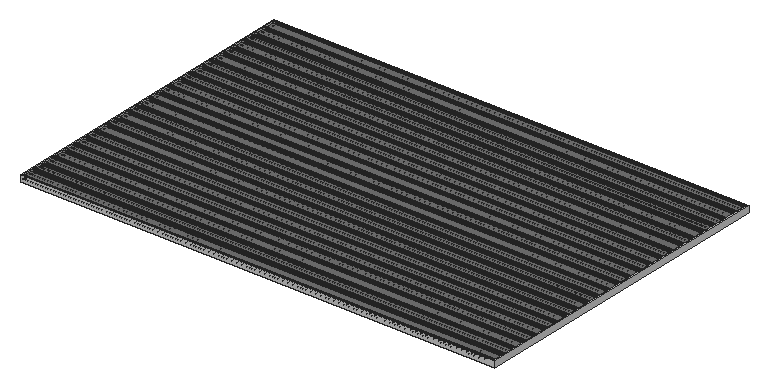
Revit family "Flooring_Entrance_Fuma_TopCleanTrend-Mit-Bürstenprofil_DE", category Allgemeines Modell, Revit 2018
Family settings
  Kann Basisbauteil für Bewehrung sein = Nein
  Bemaßung runder Anschluss = Durchmesser verwenden
  Teiletyp = Normal
  Arbeitsebenenbasiert = Nein
  Immer vertikal = Ja
  Beim Laden mit Abzugskörper schneiden = Nein
  Gemeinsam genutzt = Nein
  Raumberechnungspunkt = Nein
Parameters (values of type "Teppichlänge 10 mm")
  Technische Daten = "https://www.fuma.com/produkte/eingangsmatten/aluprofilmatten/top-clean-trend"
  Rips = Polypropylene - Fuma - Rips
  Produktinformation = "Besonders empfehlenswert für Eingänge, die eine hohe Lauffrequenz mit profilierten Schuhen verzeichnen. Ausgerüstet mit breiten, äußerst strapazierfähigen Bürstenprofilen, wird eine maximale Reinigung"
  Product avaibility = "weltweit\r\n"  # constant formula
  Modell-Nr = "12225 P"
  Maximale Belastung = "3.000 kg"
  Hersteller Land = "Deutschland"  # constant formula
  Minimale Teppichlänge = 300 mm  # constant formula
  Maximale Teppichlänge = 10000 mm  # constant formula
  Länge des Teppichs = 1200 mm
  Minimale Teppichbreite = 300 mm  # constant formula
  Maximale Teppichbreite = 10000 mm  # constant formula
  Edition number = 2
  Breite des Teppichs = 800 mm
  Grosse Denier = yes
  Rahmen Material = "Aluminium oder Edelstahl"
  Feine Leugner = no
  Beginn des Pinsels = Angepasste Wiederholung / 2  # 33.267 mm
  Farbe = "Farben Bürstenprofil: - schwarz - grau"
  Bürstenprofil = Polyamid - Fuma - Bürstenprofil
  Abstandseinstellung = (Breite des aktuellen Teppichs - (Anzahl der aktuellen Profile * Versuchswiederholung)) / Anzahl der aktuellen Profile * 0.8  # 0.533 mm
  Versuchswiederholung = 2 * (Profilbreite + Abstand zwischen den Profilen 4 6 oder 8mm)  # 66 mm
  URL = "https://www.fuma.com/"
  Telefon = " +49 7248 450 73 0\r\n"  # constant formula
  Type Comments = ""
  Tiefen Teppich = 2.8 mm
  Angepasste Wiederholung = Versuchswiederholung + Abstandseinstellung  # 66.533 mm
  Anzahl der aktuellen Profile = rounddown(Breite des aktuellen Teppichs / Versuchswiederholung)  # 12
  Modell = "TopCleanTrend® mit Bürstenprofil"
  Hersteller = "fuma Hauszubehör GmbH"  # constant formula
  Aktuelle Länge = Aktuelle Teppichlänge - (Dicke des Rahmenprofils + 2 mm) * 2  # 1190 mm
  Aktuelle Teppichlänge = if(Länge des Teppichs < Minimale Teppichlänge, Minimale Teppichlänge, if(Länge des Teppichs > Maximale Teppichlänge, Maximale Teppichlänge, Länge des Teppichs))  # 1200 mm
  Profil = Aluminum - Fuma - Grau
  Breite des Rahmenprofils = (Profilbreite + Abstand zwischen den Profilen 4 6 oder 8mm) / 2  # 16.5 mm
  Profilbreite = 27 mm
  Aktuelle Breite = Anzahl der aktuellen Profile * Angepasste Wiederholung + 2 mm  # 800.4 mm
  Breite des aktuellen Teppichs = if(Breite des Teppichs < Minimale Teppichbreite, Minimale Teppichbreite, if(Breite des Teppichs > Maximale Teppichbreite, Maximale Teppichbreite, Breite des Teppichs))  # 800 mm
  Rahmenhöhe = 15 mm
  Dicke des Teppichs = 10 mm
  Dicke des Rahmenprofils = 3 mm  # constant formula
  E-mail = "info@fuma.com"  # constant formula
  Abstand zwischen den Profilen 4 6 oder 8mm = 6 mm
  Entfernungsprofil = 10.2 mm
  Description = ""
  Gummi = Gummi - Fuma- Schwarz
  Anschrift = "Reutäckerstraße 9, 76307 Karlsbad, DE"  # constant formula
Types (4, lengths in mm): name | Produktinformation | Grosse Denier | Feine Leugner | Tiefen Teppich | Rahmenhöhe | Dicke des Teppichs | Entfernungsprofil
  Teppichlänge 10 mm | "Besonders empfehlenswert für Eingänge, die eine hohe Lauffrequenz mit profilierten Schuhen verzeichnen. Ausgerüstet mit breiten, äußerst strapazierfähigen Bürstenprofilen, wird eine maximale Reinigung" | yes | no | 2.8 | 15 | 10 | 10.2
  Teppichlänge 27 mm | "Besonders empfehlenswert für Eingänge, die eine hohe Lauffrequenz mit profilierten Schuhen verzeichnen. Ausgerüstet mit breiten, äußerst strapazierfähigen Bürstenprofilen, wird eine maximale Reinigung" | no | yes | 5 | 30 | 27 | 23
  Teppichlänge 22 mm | "Besonders empfehlenswert für Eingänge, die eine hohe Lauffrequenz mit profilierten Schuhen verzeichnen. Ausgerüstet mit breiten, äußerst strapazierfähigen Bürstenprofilen, wird eine maximale Reinigung gewährleistet. Ideale Voraussetzungen für den Einsatz in Wintersportgebieten und Sportstätten. Schalldämmend, maßhaltig, aufrollbar und leicht zu reinigen. Anfertigung in jeder Breite und Tiefe. Sonderformen gegen Aufpreis" | yes | no | 5 | 25 | 22 | 18
  Teppichlänge 17 mm | "Besonders empfehlenswert für Eingänge, die eine hohe Lauffrequenz mit profilierten Schuhen verzeichnen. Ausgerüstet mit breiten, äußerst strapazierfähigen Bürstenprofilen, wird eine maximale Reinigung" | yes | no | 3 | 20 | 17 | 13.5
Reference planes
  plane 1 "Center (Front/Back)": y = 0
  plane 2: z = 0
  plane 3 "Center (Left/Right)": x = 0
  plane 4: y = 800
  plane 5: x = 1200
Forms (mm)
  Sweep 1, solid, material "Aluminum - Fuma - Grau" <- "Profil"
    path origin (0, 0, 0) x (1, 0, 0) y (0, 1, 0)
      loop
        line (0, 800) -> (0, 0) -> (1200, 0) -> (1200, 800) -> (0, 800)
    profile origin (600, 800, 0) x (0, 1, 0) y (0, 0, 1)
      loop
        line (0, -3) -> (0, 12) -> (-3, 12) -> (-3, 0) -> (-16.5, 0) -> (-16.5, -3) -> (0, -3)
Dimensions and locks
  equal spacing: group 1, group 2, group 3, group 4, group 9, group 10, group 11, group 12, group 13, group 14, group 15, group 16  (x3)
  "Aktuelle Teppichlänge": plane 5 to plane 3 "Center (Left/Right)"
  "Breite des aktuellen Teppichs": plane 4 to plane 1 "Center (Front/Back)"
  "Dicke des Rahmenprofils": Sweep 1 sketch curve to Sweep 1 sketch curve  (x2)
  "Rahmenhöhe": Sweep 1 sketch curve to Sweep 1 sketch curve
  "Breite des Rahmenprofils": Sweep 1 sketch curve to Sweep 1 sketch curve
  locked: plane 1 "Center (Front/Back)" to nested 1 at 4
  "Angepasste Wiederholung": nested 1 to nested 2
  equal spacing: group 5, group 6, group 7, group 8, group 17, group 18, group 19, group 20, group 21, group 22, group 23, group 24  (x3)
  "Angepasste Wiederholung": nested 6 to nested 5
  "Beginn des Pinsels": nested 5 to nested 1
  aligned and locked: Sweep 1 sketch curve to plane 5
  aligned and locked: plane 3 "Center (Left/Right)" to Sweep 1 sketch curve
  aligned and locked: Sweep 1 sketch curve to plane 4
  aligned and locked: Sweep 1 sketch curve to plane 1 "Center (Front/Back)"
Automatic sketch dimensions
  Sweep 1 sketch curve to level = 0 mm
  Sweep 1 sketch curve to profile plane = 0 mm
Nested families
  nested 1: "Cassette Brush" at (4, 17.472, 0), type "Cassette Brush"
  nested 2: "Cassette Brush" at (4, 84.005, 0), type "Cassette Brush"
  nested 3: "Cassette Brush" at (4, 150.539, 0), type "Cassette Brush"
  nested 4: "Cassette Brush" at (4, 217.072, 0), type "Cassette Brush"
  nested 5: "Cassette Brush" at (4, 50.739, 0), type "Cassette Brush"
  nested 6: "Cassette Brush" at (4, 117.272, 0), type "Cassette Brush"
  nested 7: "Cassette Brush" at (4, 183.805, 0), type "Cassette Brush"
  nested 8: "Cassette Brush" at (4, 250.339, 0), type "Cassette Brush"
  nested 9: "Cassette Brush" at (4, 283.605, 0), type "Cassette Brush"
  nested 10: "Cassette Brush" at (4, 350.139, 0), type "Cassette Brush"
  nested 11: "Cassette Brush" at (4, 416.672, 0), type "Cassette Brush"
  nested 12: "Cassette Brush" at (4, 483.205, 0), type "Cassette Brush"
  nested 13: "Cassette Brush" at (4, 549.739, 0), type "Cassette Brush"
  nested 14: "Cassette Brush" at (4, 616.272, 0), type "Cassette Brush"
  nested 15: "Cassette Brush" at (4, 682.805, 0), type "Cassette Brush"
  nested 16: "Cassette Brush" at (4, 749.339, 0), type "Cassette Brush"
  nested 17: "Cassette Brush" at (4, 316.872, 0), type "Cassette Brush"
  nested 18: "Cassette Brush" at (4, 383.405, 0), type "Cassette Brush"
  nested 19: "Cassette Brush" at (4, 449.939, 0), type "Cassette Brush"
  nested 20: "Cassette Brush" at (4, 516.472, 0), type "Cassette Brush"
  nested 21: "Cassette Brush" at (4, 583.005, 0), type "Cassette Brush"
  nested 22: "Cassette Brush" at (4, 649.539, 0), type "Cassette Brush"
  nested 23: "Cassette Brush" at (4, 716.072, 0), type "Cassette Brush"
  nested 24: "Cassette Brush" at (4, 782.605, 0), type "Cassette Brush"
Definition of nested family "Cassette Brush"
  Parameters (values of type "Cassette Brush")
    Trend 42 = Hauteur = 42 mm  # no
    Trend 27 = Hauteur = 27 mm  # no
    Trend 22 = Hauteur = 22 mm  # no
    Trend 17 = Hauteur = 17 mm  # no
    Trend 13 = Hauteur = 13 mm  # no
    Trend 10 = Hauteur = 10 mm  # yes
    URL = "https://www.geggus.fr/"
    Profondeur Tapis = 2.8 mm
    Model = "Top Clean TREND®"
    Manufacturer = "Geggus"
    Longueur = 1190 mm
    Profile = none
    Hauteur = 10 mm
    Gros deniers = yes
    Fins deniers = no
    Distance profil = 10.2 mm
    Caoutchouc = none
    Brosse = none
  Reference planes
    plane 1 "Center (Front/Back)": y = 0
    plane 2: z = 0
    plane 3 "Center (Left/Right)": x = 0
    plane 4: z = 7.4
    plane 5: z = 10.2
  Forms (mm)
    Extrusion 1, solid, material <- "Profile", visible <- "Trend 17"
      sketch origin (0, 0, 0) x (0, 1, 0) y (0, 0, 1)
        loop
          line (12.528, 9.5) -> (-12.472, 9.5) -> (-12.472, 6.7) -> (12.528, 6.7) -> (12.528, 9.5)
        loop
          line (12.028, 10.5) -> (-11.972, 10.5) -> (-11.972, 13.5) -> (-10.982, 13.5) -> (-10.982, 14.5) -> (-13.472, 14.5) -> (-13.472, 2) -> (-11.175, 2) -> (-11.175, 3) -> (-12.472, 3) -> (-12.472, 5.5) -> (-7.372, 5.5) -> (-7.372, 3) -> (-8.681, 3) -> (-8.681, 2) -> (-6.372, 2) -> (-6.372, 5.5) -> (6.428, 5.5) -> (6.428, 2) -> (8.737, 2) -> (8.737, 3) -> (7.428, 3) -> (7.428, 5.5) -> (12.528, 5.5) -> (12.528, 3) -> (11.231, 3) -> (11.231, 2) -> (13.528, 2) -> (13.528, 14.5) -> (11.038, 14.5) -> (11.038, 13.5) -> (12.028, 13.5) -> (12.028, 10.5)
      from 0 to 1190 <- "Longueur"
    Extrusion 2, solid, material <- "Caoutchouc"
      sketch origin (0, -9.881, 7.713) x (0, -1, 0) y (0, 0, -1)
        loop
          line (1.319, 5.713) -> (2.983, 5.713)
          arc (2.983, 5.713) -> (3.327, 5.932) -> (3.274, 6.337) r 0.38
          line (3.274, 6.337) -> (2.119, 7.713) -> (-1.881, 7.713) -> (-3.035, 6.337)
          arc (-3.035, 6.337) -> (-3.088, 5.932) -> (-2.744, 5.713) r 0.38
          line (-2.744, 5.713) -> (-1.081, 5.713) -> (-1.081, 4.76) -> (-1.866, 4.377)
          arc (-1.866, 4.377) -> (-2.114, 3.98) -> (-1.866, 3.583) r 0.442
          line (-1.866, 3.583) -> (-0.765, 3.046)
          arc (-0.765, 3.046) -> (0.119, 2.842) -> (1.004, 3.046) r 2.019
          line (1.004, 3.046) -> (2.105, 3.583)
          arc (2.105, 3.583) -> (2.353, 3.98) -> (2.105, 4.377) r 0.442
          line (2.105, 4.377) -> (1.319, 4.76) -> (1.319, 5.713)
        loop
          line (-21.081, 5.713) -> (-21.081, 4.76) -> (-21.866, 4.377)
          arc (-21.866, 4.377) -> (-22.114, 3.98) -> (-21.866, 3.583) r 0.442
          line (-21.866, 3.583) -> (-20.765, 3.046)
          arc (-20.765, 3.046) -> (-19.881, 2.842) -> (-18.996, 3.046) r 2.019
          line (-18.996, 3.046) -> (-17.895, 3.583)
          arc (-17.895, 3.583) -> (-17.647, 3.98) -> (-17.895, 4.377) r 0.442
          line (-17.895, 4.377) -> (-18.681, 4.76) -> (-18.681, 5.713) -> (-17.017, 5.713)
          arc (-17.017, 5.713) -> (-16.673, 5.932) -> (-16.726, 6.337) r 0.38
          line (-16.726, 6.337) -> (-17.881, 7.713) -> (-21.881, 7.713) -> (-23.035, 6.337)
          arc (-23.035, 6.337) -> (-23.088, 5.932) -> (-22.744, 5.713) r 0.38
          line (-22.744, 5.713) -> (-21.081, 5.713)
      from 0 to 1190 <- "Longueur"
    Extrusion 3, solid, material <- "Brosse", visible <- "Gros deniers"
      sketch origin (0, 0.264, 37.152) x (0, 1, 0) y (0, 0, 1)
        loop
          arc (11.75, -27.533) -> (11.58, -27.122) -> (11.169, -26.952) r 0.581
          line (11.169, -26.952) -> (-11.607, -26.952)
          arc (-11.607, -26.952) -> (-12.062, -27.14) -> (-12.25, -27.595) r 0.643
          line (-12.25, -27.595) -> (-12.25, -29.149)
          arc (-12.25, -29.149) -> (-12.073, -29.576) -> (-11.647, -29.752) r 0.603
          line (-11.647, -29.752) -> (11.12, -29.752)
          arc (11.12, -29.752) -> (11.566, -29.568) -> (11.75, -29.122) r 0.63
          line (11.75, -29.122) -> (11.75, -27.533)
      from 0 to 1190 <- "Longueur"
    Extrusion 4, solid, material <- "Profile", visible <- "Trend 22"
      sketch origin (0, 0.25, 15.623) x (0, 1, 0) y (0, 0, 1)
        loop
          line (8.549, -13.623) -> (8.549, -12.67) -> (7.498, -12.67) -> (7.498, -9.628) -> (12.25, -9.628) -> (12.25, -12.67) -> (10.95, -12.67) -> (10.95, -13.623) -> (12.563, -13.623)
          arc (12.563, -13.623) -> (13.049, -13.422) -> (13.25, -12.937) r 0.687
          line (13.25, -12.937) -> (13.25, 3.375) -> (13, 2.442) -> (12.75, 3.375) -> (12.508, 2.472) -> (12.249, 3.374) -> (12, 2.504) -> (11.75, 3.375)
          arc (11.75, 3.375) -> (11.003, 2.872) -> (11.75, 2.37) r 0.542
          line (11.75, 2.37) -> (11.75, -2.619) -> (-12.25, -2.619) -> (-12.25, 2.37)
          arc (-12.25, 2.37) -> (-11.503, 2.872) -> (-12.25, 3.375) r 0.542
          line (-12.25, 3.375) -> (-12.5, 2.504) -> (-12.749, 3.374) -> (-13.008, 2.472) -> (-13.25, 3.375) -> (-13.5, 2.442) -> (-13.75, 3.375) -> (-13.75, -12.937)
          arc (-13.75, -12.937) -> (-13.549, -13.422) -> (-13.063, -13.623) r 0.687
          line (-13.063, -13.623) -> (-11.45, -13.623) -> (-11.45, -12.67) -> (-12.75, -12.67) -> (-12.75, -9.628) -> (-7.998, -9.628) -> (-7.998, -12.67) -> (-9.049, -12.67) -> (-9.049, -13.623) -> (-6.75, -13.623) -> (-6.75, -9.628) -> (6.25, -9.628) -> (6.25, -13.623) -> (8.549, -13.623)
        loop
          arc (11.684, -8.63) -> (12.084, -8.464) -> (12.25, -8.063) r 0.566
          line (12.25, -8.063) -> (12.25, -4.232)
          arc (12.25, -4.232) -> (12.074, -3.807) -> (11.65, -3.632) r 0.6
          line (11.65, -3.632) -> (-12.19, -3.632)
          arc (-12.19, -3.632) -> (-12.586, -3.796) -> (-12.75, -4.191) r 0.56
          line (-12.75, -4.191) -> (-12.75, -8.023)
          arc (-12.75, -8.023) -> (-12.572, -8.452) -> (-12.144, -8.63) r 0.606
          line (-12.144, -8.63) -> (11.684, -8.63)
      from 0 to 1190 <- "Longueur"
    Extrusion 5, solid, material <- "Profile", visible <- "Trend 27"
      sketch origin (0, -0.028, 0) x (0, 1, 0) y (0, 0, 1)
        loop
          line (11.028, 16.864) -> (-10.972, 16.864)
          arc (-10.972, 16.864) -> (-11.679, 16.571) -> (-11.972, 15.864) r 1
          line (-11.972, 15.864) -> (-11.972, 8.201)
          arc (-11.972, 8.201) -> (-11.679, 7.494) -> (-10.972, 7.201) r 1
          line (-10.972, 7.201) -> (11.028, 7.201)
          arc (11.028, 7.201) -> (11.735, 7.494) -> (12.028, 8.201) r 1
          line (12.028, 8.201) -> (12.028, 15.864)
          arc (12.028, 15.864) -> (11.735, 16.571) -> (11.028, 16.864) r 1
        loop
          line (12.028, 18.021) -> (-11.972, 18.021) -> (-11.972, 23.003) -> (-10.982, 23.003) -> (-10.982, 24.003) -> (-13.472, 24.003) -> (-13.472, 2) -> (-11.175, 2) -> (-11.175, 3) -> (-12.472, 3) -> (-12.472, 5.966) -> (-7.372, 5.966) -> (-7.372, 3) -> (-8.681, 3) -> (-8.681, 2) -> (-6.372, 2) -> (-6.372, 5.966) -> (6.428, 5.966) -> (6.428, 2) -> (8.737, 2) -> (8.737, 3) -> (7.428, 3) -> (7.428, 5.966) -> (12.528, 5.966) -> (12.528, 3) -> (11.231, 3) -> (11.231, 2) -> (13.528, 2) -> (13.528, 24.003) -> (11.038, 24.003) -> (11.038, 23.003) -> (12.028, 23.003) -> (12.028, 18.021)
      from 0 to 1190 <- "Longueur"
    Extrusion 6, solid, material <- "Profile", visible <- "Trend 10"
      sketch origin (0, 0, 8.025) x (0, 1, 0) y (0, 0, 1)
        loop
          line (8.804, -6.025) -> (8.804, -5.072) -> (7.498, -5.072) -> (7.498, -2.031) -> (12.498, -2.031) -> (12.498, -5.072) -> (11.204, -5.072) -> (11.204, -6.025) -> (12.626, -6.025)
          arc (12.626, -6.025) -> (13.263, -5.761) -> (13.527, -5.124) r 0.902
          line (13.527, -5.124) -> (13.527, 2.339)
          arc (13.527, 2.339) -> (13.624, 2.92) -> (13.25, 3.375) r 0.711
          line (13.25, 3.375) -> (13, 2.442) -> (12.75, 3.375) -> (12.508, 2.472) -> (12.249, 3.374) -> (12, 2.504) -> (11.75, 3.375)
          arc (11.75, 3.375) -> (11.003, 2.872) -> (11.75, 2.37) r 0.542
          line (11.75, 2.37) -> (11.75, -0.638) -> (-11.75, -0.638) -> (-11.75, 2.37)
          arc (-11.75, 2.37) -> (-11.003, 2.872) -> (-11.75, 3.375) r 0.542
          line (-11.75, 3.375) -> (-12, 2.504) -> (-12.249, 3.374) -> (-12.508, 2.472) -> (-12.75, 3.375) -> (-13, 2.442) -> (-13.25, 3.375)
          arc (-13.25, 3.375) -> (-13.624, 2.92) -> (-13.527, 2.339) r 0.711
          line (-13.527, 2.339) -> (-13.527, -5.124)
          arc (-13.527, -5.124) -> (-13.263, -5.761) -> (-12.626, -6.025) r 0.902
          line (-12.626, -6.025) -> (-11.204, -6.025) -> (-11.204, -5.072) -> (-12.498, -5.072) -> (-12.498, -2.031) -> (-7.498, -2.031) -> (-7.498, -5.072) -> (-8.804, -5.072) -> (-8.804, -6.025) -> (8.804, -6.025)
        loop
          line (-5.764, -5.072) -> (5.764, -5.072)
          arc (5.764, -5.072) -> (6.289, -4.855) -> (6.506, -4.329) r 0.743
          line (6.506, -4.329) -> (6.506, -2.723)
          arc (6.506, -2.723) -> (6.303, -2.233) -> (5.814, -2.031) r 0.692
          line (5.814, -2.031) -> (-5.814, -2.031)
          arc (-5.814, -2.031) -> (-6.303, -2.233) -> (-6.506, -2.723) r 0.692
          line (-6.506, -2.723) -> (-6.506, -4.329)
          arc (-6.506, -4.329) -> (-6.289, -4.855) -> (-5.764, -5.072) r 0.743
      from 0 to 1190 <- "Longueur"
  Lines and regions (mm)
    symbolic lines
      curve 1: line (0, 9.498, 10.2) -> (0, 9.498, 14)
      curve 2: line (0, 5.212, 10.2) -> (0, 5.212, 14)
      curve 3: line (0, 5.926, 10.2) -> (0, 5.926, 14)
      curve 4: line (0, 6.64, 10.2) -> (0, 6.64, 14)
      curve 5: line (0, 7.355, 10.2) -> (0, 7.355, 14)
      curve 6: line (0, 8.069, 10.2) -> (0, 8.069, 14)
      curve 7: line (0, 8.783, 10.2) -> (0, 8.783, 14)
      curve 8: line (0, -9.498, 10.2) -> (0, -9.498, 14)
      curve 9: line (0, -5.212, 10.2) -> (0, -5.212, 14)
      curve 10: line (0, -5.926, 10.2) -> (0, -5.926, 14)
      curve 11: line (0, -6.64, 10.2) -> (0, -6.64, 14)
      curve 12: line (0, -7.355, 10.2) -> (0, -7.355, 14)
      curve 13: line (0, -8.069, 10.2) -> (0, -8.069, 14)
      curve 14: line (0, -8.783, 10.2) -> (0, -8.783, 14)
      curve 15: line (0, -2.143, 10.2) -> (0, -2.143, 14)
      curve 16: line (0, 2.143, 10.2) -> (0, 2.143, 14)
      curve 17: line (0, 1.429, 10.2) -> (0, 1.429, 14)
      curve 18: line (0, 0.714, 10.2) -> (0, 0.714, 14)
      curve 19: line (0, 0, 10.2) -> (0, 0, 14)
      curve 20: line (0, -0.714, 10.2) -> (0, -0.714, 14)
      curve 21: line (0, -1.429, 10.2) -> (0, -1.429, 14)
    symbolic lines, not visible
      curve 22: line (0, 9.498, 7.201) -> (0, 9.498, 11.001)
      curve 23: line (0, 5.212, 7.201) -> (0, 5.212, 11.001)
      curve 24: line (0, 5.926, 7.201) -> (0, 5.926, 11.001)
      curve 25: line (0, 6.64, 7.201) -> (0, 6.64, 11.001)
      curve 26: line (0, 7.355, 7.201) -> (0, 7.355, 11.001)
      curve 27: line (0, 8.069, 7.201) -> (0, 8.069, 11.001)
      curve 28: line (0, 8.783, 7.201) -> (0, 8.783, 11.001)
      curve 29: line (0, -9.498, 7.201) -> (0, -9.498, 11.001)
      curve 30: line (0, -5.212, 7.201) -> (0, -5.212, 11.001)
      curve 31: line (0, -5.926, 7.201) -> (0, -5.926, 11.001)
      curve 32: line (0, -6.64, 7.201) -> (0, -6.64, 11.001)
      curve 33: line (0, -7.355, 7.201) -> (0, -7.355, 11.001)
      curve 34: line (0, -8.069, 7.201) -> (0, -8.069, 11.001)
      curve 35: line (0, -8.783, 7.201) -> (0, -8.783, 11.001)
      curve 36: line (0, -2.143, 7.201) -> (0, -2.143, 11.001)
      curve 37: line (0, 2.143, 7.201) -> (0, 2.143, 11.001)
      curve 38: line (0, 1.429, 7.201) -> (0, 1.429, 11.001)
      curve 39: line (0, 0.714, 7.201) -> (0, 0.714, 11.001)
      curve 40: line (0, 0, 7.201) -> (0, 0, 11.001)
      curve 41: line (0, -0.714, 7.201) -> (0, -0.714, 11.001)
      curve 42: line (0, -1.429, 7.201) -> (0, -1.429, 11.001)
  Dimensions and locks
    "Profondeur Tapis": plane 4 to plane 5
    "Distance profil": plane 5 to level
    "Distance profil": curve 4 to level
    aligned and locked: plane 4 to Extrusion 3 sketch curve
  Automatic sketch dimensions
    plane 1 "Center (Front/Back)" to Extrusion 1 sketch curve = 13.472 mm
    Extrusion 1 sketch curve to Extrusion 1 sketch curve = 1 mm  (x12)
    Extrusion 1 sketch curve to Extrusion 1 sketch curve = 0.5 mm  (x2)
    Extrusion 1 sketch curve to Extrusion 1 sketch curve = 1.297 mm
    Extrusion 1 sketch curve to Extrusion 1 sketch curve = 0.99 mm  (x2)
    Extrusion 1 sketch curve to Extrusion 1 sketch curve = 2.495 mm  (x2)
    Extrusion 1 sketch curve to Extrusion 1 sketch curve = 1.309 mm  (x2)
    level to Extrusion 1 sketch curve = 2 mm  (x4)
    Extrusion 1 sketch curve to plane 1 "Center (Front/Back)" = 6.428 mm
    Extrusion 1 sketch curve to Extrusion 1 sketch curve = 3.61 mm
    Extrusion 1 sketch curve to Extrusion 1 sketch curve = 0 mm  (x3)
    Extrusion 1 sketch curve to Extrusion 1 sketch curve = 3 mm  (x2)
    Extrusion 2 sketch curve to level = 0 mm  (x2)
    level to Extrusion 2 sketch curve = 1.376 mm  (x4)
    Extrusion 2 sketch curve to plane 1 "Center (Front/Back)" = 13.155 mm
    Extrusion 2 sketch curve to Extrusion 2 sketch curve = 0.291 mm  (x4)
    Extrusion 2 sketch curve to Extrusion 2 sketch curve = 1.155 mm  (x2)
    Extrusion 2 sketch curve to Extrusion 2 sketch curve = 0.878 mm  (x3)
    Extrusion 2 sketch curve to Extrusion 2 sketch curve = 0.194 mm  (x7)
    Extrusion 2 sketch curve to Extrusion 2 sketch curve = 0.592 mm  (x3)
    Extrusion 2 sketch curve to Extrusion 2 sketch curve = 1.1 mm  (x4)
    Extrusion 2 sketch curve to Extrusion 2 sketch curve = 1.2 mm  (x4)
    level to Extrusion 2 sketch curve = 2.953 mm  (x2)
    level to Extrusion 2 sketch curve = 3.336 mm  (x4)
    Extrusion 2 sketch curve to Extrusion 2 sketch curve = 0.8 mm  (x2)
    plane 1 "Center (Front/Back)" to Extrusion 2 sketch curve = 6.845 mm
    Extrusion 2 sketch curve to Extrusion 2 sketch curve = 0 mm
    Extrusion 2 sketch curve to Extrusion 2 sketch curve = 0.785 mm
    Extrusion 2 sketch curve to Extrusion 2 sketch curve = 1.664 mm
    Extrusion 2 sketch curve to Extrusion 2 sketch curve = 0.397 mm  (x2)
    Extrusion 2 sketch curve to Extrusion 2 sketch curve = 0.78 mm  (x2)
    Extrusion 2 sketch curve to Extrusion 2 sketch curve = 0.101 mm  (x2)
    Extrusion 2 sketch curve to Extrusion 2 sketch curve = 0.953 mm  (x3)
    Extrusion 2 sketch curve to Extrusion 2 sketch curve = 0.624 mm
    plane 1 "Center (Front/Back)" to Extrusion 4 sketch curve = 13.5 mm
    Extrusion 4 sketch curve to Extrusion 4 sketch curve = 0.25 mm  (x2)
    Extrusion 4 sketch curve to Extrusion 4 sketch curve = 0.5 mm  (x3)
    Extrusion 4 sketch curve to Extrusion 4 sketch curve = 0.687 mm
    Extrusion 4 sketch curve to Extrusion 4 sketch curve = 0.492 mm  (x2)
    Extrusion 4 sketch curve to Extrusion 4 sketch curve = 0.258 mm
    Extrusion 4 sketch curve to Extrusion 4 sketch curve = 0.313 mm  (x2)
    Extrusion 4 sketch curve to Extrusion 4 sketch curve = 0.501 mm  (x2)
    Extrusion 4 sketch curve to Extrusion 4 sketch curve = 0.508 mm  (x2)
    Extrusion 4 sketch curve to Extrusion 4 sketch curve = 0.499 mm  (x2)
    Extrusion 4 sketch curve to Extrusion 4 sketch curve = 0.56 mm
    Extrusion 4 sketch curve to Extrusion 4 sketch curve = 0.606 mm
    Extrusion 4 sketch curve to Extrusion 4 sketch curve = 0.205 mm  (x2)
    Extrusion 4 sketch curve to Extrusion 4 sketch curve = 1.3 mm  (x2)
    Extrusion 4 sketch curve to Extrusion 4 sketch curve = 2.401 mm  (x2)
    Extrusion 4 sketch curve to Extrusion 4 sketch curve = 1.051 mm  (x2)
    Extrusion 4 sketch curve to Extrusion 4 sketch curve = 1.248 mm  (x2)
    Extrusion 4 sketch curve to plane 1 "Center (Front/Back)" = 6.5 mm
    Extrusion 4 sketch curve to plane 1 "Center (Front/Back)" = 11.795 mm
    Extrusion 4 sketch curve to Extrusion 4 sketch curve = 0.105 mm
    Extrusion 4 sketch curve to Extrusion 4 sketch curve = 0.034 mm
    Extrusion 4 sketch curve to Extrusion 4 sketch curve = 0.1 mm
    Extrusion 4 sketch curve to Extrusion 4 sketch curve = 0.999 mm  (x2)
    level to Extrusion 4 sketch curve = 2.953 mm  (x4)
    Extrusion 4 sketch curve to Extrusion 4 sketch curve = 0.267 mm  (x2)
    Extrusion 4 sketch curve to Extrusion 4 sketch curve = 0.953 mm  (x2)
    Extrusion 4 sketch curve to Extrusion 4 sketch curve = 3.832 mm
    Extrusion 4 sketch curve to Extrusion 4 sketch curve = 1.013 mm
    Extrusion 4 sketch curve to Extrusion 4 sketch curve = 4.989 mm  (x2)
    Extrusion 4 sketch curve to Extrusion 4 sketch curve = 0.071 mm  (x2)
    Extrusion 4 sketch curve to Extrusion 4 sketch curve = 0.03 mm  (x2)
    Extrusion 4 sketch curve to Extrusion 4 sketch curve = 0.133 mm  (x2)
    Extrusion 4 sketch curve to Extrusion 4 sketch curve = 0.502 mm  (x2)
    Extrusion 4 sketch curve to Extrusion 4 sketch curve = 0.001 mm  (x3)
    Extrusion 4 sketch curve to Extrusion 4 sketch curve = 0.933 mm
    Extrusion 4 sketch curve to Extrusion 4 sketch curve = 0 mm  (x3)
    plane 1 "Center (Front/Back)" to Extrusion 5 sketch curve = 13.5 mm
    Extrusion 5 sketch curve to Extrusion 5 sketch curve = 1 mm  (x13)
    Extrusion 5 sketch curve to Extrusion 5 sketch curve = 0.5 mm
    Extrusion 5 sketch curve to Extrusion 5 sketch curve = 0 mm  (x3)
    Extrusion 5 sketch curve to Extrusion 5 sketch curve = 1.297 mm
    Extrusion 5 sketch curve to Extrusion 5 sketch curve = 0.99 mm  (x2)
    Extrusion 5 sketch curve to Extrusion 5 sketch curve = 2.495 mm  (x2)
    Extrusion 5 sketch curve to Extrusion 5 sketch curve = 1.309 mm  (x2)
    Extrusion 5 sketch curve to plane 1 "Center (Front/Back)" = 6.4 mm
    Extrusion 5 sketch curve to Extrusion 5 sketch curve = 3.6 mm
    Extrusion 5 sketch curve to Extrusion 5 sketch curve = 0.01 mm
    Extrusion 5 sketch curve to Extrusion 5 sketch curve = 1.5 mm
    level to Extrusion 5 sketch curve = 3 mm  (x3)
    Extrusion 5 sketch curve to Extrusion 5 sketch curve = 2.966 mm  (x2)
    Extrusion 5 sketch curve to Extrusion 5 sketch curve = 7.663 mm
    Extrusion 5 sketch curve to Extrusion 5 sketch curve = 1.157 mm
    Extrusion 5 sketch curve to Extrusion 5 sketch curve = 4.982 mm  (x2)
    level to Extrusion 6 sketch curve = 2.902 mm
    plane 1 "Center (Front/Back)" to Extrusion 6 sketch curve = 13.527 mm
    Extrusion 6 sketch curve to Extrusion 6 sketch curve = 0.277 mm
    Extrusion 6 sketch curve to Extrusion 6 sketch curve = 0.527 mm
    Extrusion 6 sketch curve to Extrusion 6 sketch curve = 0.062 mm  (x2)
    Extrusion 6 sketch curve to Extrusion 6 sketch curve = 0.5 mm  (x2)
    Extrusion 6 sketch curve to Extrusion 6 sketch curve = 0.902 mm  (x2)
    Extrusion 6 sketch curve to Extrusion 6 sketch curve = 0.492 mm
    Extrusion 6 sketch curve to Extrusion 6 sketch curve = 0.128 mm  (x2)
    Extrusion 6 sketch curve to Extrusion 6 sketch curve = 0.501 mm  (x2)
    Extrusion 6 sketch curve to Extrusion 6 sketch curve = 0.508 mm  (x2)
    Extrusion 6 sketch curve to Extrusion 6 sketch curve = 0.748 mm
    Extrusion 6 sketch curve to Extrusion 6 sketch curve = 0.499 mm  (x2)
    Extrusion 6 sketch curve to Extrusion 6 sketch curve = 0.205 mm  (x3)
    Extrusion 6 sketch curve to Extrusion 6 sketch curve = 1.422 mm
    Extrusion 6 sketch curve to Extrusion 6 sketch curve = 2.4 mm  (x2)
    Extrusion 6 sketch curve to Extrusion 6 sketch curve = 1.306 mm  (x2)
    Extrusion 6 sketch curve to Extrusion 6 sketch curve = 0.992 mm  (x2)
    Extrusion 6 sketch curve to Extrusion 6 sketch curve = 0.692 mm  (x2)
    Extrusion 6 sketch curve to Extrusion 6 sketch curve = 0.743 mm  (x3)
    Extrusion 6 sketch curve to plane 1 "Center (Front/Back)" = 5.764 mm
    Extrusion 6 sketch curve to Extrusion 6 sketch curve = 0.05 mm
    Extrusion 6 sketch curve to Extrusion 6 sketch curve = 4.047 mm
    Extrusion 6 sketch curve to Extrusion 6 sketch curve = 0.25 mm
    Extrusion 6 sketch curve to Extrusion 6 sketch curve = 1.294 mm
    Extrusion 6 sketch curve to Extrusion 6 sketch curve = 0.43 mm
    level to Extrusion 6 sketch curve = 2 mm  (x2)
    Extrusion 6 sketch curve to Extrusion 6 sketch curve = 0.953 mm  (x3)
    level to Extrusion 6 sketch curve = 2.953 mm
    Extrusion 6 sketch curve to Extrusion 6 sketch curve = 1.606 mm
    Extrusion 6 sketch curve to Extrusion 6 sketch curve = 0.102 mm  (x2)
    Extrusion 6 sketch curve to Extrusion 6 sketch curve = 0.133 mm  (x2)
    Extrusion 1 sketch curve to Extrusion 1 sketch curve = 2.5 mm
    Extrusion 1 sketch curve to Extrusion 1 sketch curve = 1.2 mm
    Extrusion 1 sketch curve to Extrusion 1 sketch curve = 2.8 mm
    level to Extrusion 2 sketch curve = 4.667 mm
    Extrusion 2 sketch curve to Extrusion 2 sketch curve = 1.331 mm
    Extrusion 2 sketch curve to Extrusion 2 sketch curve = 0.794 mm  (x4)
    Extrusion 4 sketch curve to Extrusion 4 sketch curve = 0.6 mm
    Extrusion 4 sketch curve to Extrusion 4 sketch curve = 3.042 mm
    level to Extrusion 5 sketch curve = 2 mm
    Extrusion 5 sketch curve to Extrusion 5 sketch curve = 1.236 mm
    Extrusion 6 sketch curve to Extrusion 6 sketch curve = 3.042 mm
    Extrusion 6 sketch curve to Extrusion 6 sketch curve = 1.393 mm
    Extrusion 6 sketch curve to Extrusion 6 sketch curve = 2.977 mm  (x2)
    Extrusion 6 sketch curve to Extrusion 6 sketch curve = 0.071 mm  (x2)
    Extrusion 6 sketch curve to Extrusion 6 sketch curve = 0.03 mm  (x2)
    Extrusion 6 sketch curve to Extrusion 6 sketch curve = 0.295 mm  (x2)
    Extrusion 6 sketch curve to Extrusion 6 sketch curve = 0.502 mm  (x2)
    Extrusion 6 sketch curve to Extrusion 6 sketch curve = 0.001 mm  (x2)
    Extrusion 6 sketch curve to Extrusion 6 sketch curve = 0 mm  (x2)
    curve 8 to curve 14 = 0.714 mm
    curve 14 to curve 13 = 0.714 mm
    curve 13 to curve 12 = 0.714 mm
    curve 12 to curve 11 = 0.714 mm
    curve 11 to curve 10 = 0.714 mm
    curve 10 to curve 9 = 0.714 mm
    curve 9 to curve 15 = 3.069 mm
    curve 15 to curve 21 = 0.714 mm
    curve 21 to curve 20 = 0.714 mm
    curve 20 to curve 19 = 0.714 mm
    curve 19 to curve 18 = 0.714 mm
    curve 18 to curve 17 = 0.714 mm
    curve 17 to curve 16 = 0.714 mm
    curve 16 to curve 2 = 3.069 mm
    curve 2 to curve 3 = 0.714 mm
    curve 3 to curve 4 = 0.714 mm
    curve 4 to curve 5 = 0.714 mm
    curve 5 to curve 6 = 0.714 mm
    curve 6 to curve 7 = 0.714 mm
    curve 7 to curve 1 = 0.714 mm
    curve 21 to curve 1 = 0 mm
    curve 2 to curve 1 = 0 mm
    curve 21 to curve 20 = 0 mm
    curve 2 to curve 3 = 0 mm  (x2)
    curve 20 to curve 19 = 0 mm  (x2)
    curve 3 to curve 4 = 0 mm  (x2)
    curve 19 to curve 18 = 0 mm  (x2)
    curve 4 to curve 5 = 0 mm  (x2)
    curve 18 to curve 17 = 0 mm  (x2)
    curve 5 to curve 6 = 0 mm  (x2)
    curve 17 to curve 16 = 0 mm  (x2)
    curve 6 to curve 7 = 0 mm  (x2)
    curve 15 to curve 21 = 0 mm  (x2)
    curve 8 to curve 15 = 0 mm
    curve 8 to curve 14 = 0 mm
    curve 9 to curve 15 = 0 mm  (x2)
    curve 14 to curve 13 = 0 mm  (x2)
    curve 10 to curve 9 = 0 mm  (x2)
    curve 13 to curve 12 = 0 mm  (x2)
    curve 11 to curve 10 = 0 mm
    curve 11 to curve 11 = 3.8 mm
    curve 11 to curve 9 = 0 mm
    curve 12 to curve 11 = 0 mm
    curve 8 to curve 12 = 0 mm
    curve 7 to curve 7 = 3.8 mm
    curve 16 to curve 16 = 3.8 mm
    curve 7 to curve 1 = 0 mm
    curve 29 to curve 35 = 0.714 mm
    curve 35 to curve 34 = 0.714 mm
    curve 34 to curve 33 = 0.714 mm
    curve 33 to curve 32 = 0.714 mm
    curve 32 to curve 31 = 0.714 mm
    curve 31 to curve 30 = 0.714 mm
    curve 30 to curve 36 = 3.069 mm
    curve 36 to curve 42 = 0.714 mm
    curve 42 to curve 41 = 0.714 mm
    curve 41 to curve 40 = 0.714 mm
    curve 40 to curve 39 = 0.714 mm
    curve 39 to curve 38 = 0.714 mm
    curve 38 to curve 37 = 0.714 mm
    curve 37 to curve 23 = 3.069 mm
    curve 23 to curve 24 = 0.714 mm
    curve 24 to curve 25 = 0.714 mm
    curve 25 to curve 26 = 0.714 mm
    curve 26 to curve 27 = 0.714 mm
    curve 27 to curve 28 = 0.714 mm
    curve 28 to curve 22 = 0.714 mm
    curve 42 to curve 22 = 0 mm
    curve 23 to curve 22 = 0 mm
    curve 42 to curve 41 = 0 mm
    curve 23 to curve 24 = 0 mm  (x2)
    curve 41 to curve 40 = 0 mm  (x2)
    curve 24 to curve 25 = 0 mm  (x2)
    curve 40 to curve 39 = 0 mm  (x2)
    curve 25 to curve 26 = 0 mm  (x2)
    curve 39 to curve 38 = 0 mm  (x2)
    curve 26 to curve 27 = 0 mm  (x2)
    curve 38 to curve 37 = 0 mm  (x2)
    curve 27 to curve 28 = 0 mm  (x2)
    curve 36 to curve 42 = 0 mm  (x2)
    curve 29 to curve 36 = 0 mm
    curve 29 to curve 35 = 0 mm
    curve 30 to curve 36 = 0 mm  (x2)
    curve 35 to curve 34 = 0 mm  (x2)
    curve 31 to curve 30 = 0 mm  (x2)
    curve 34 to curve 33 = 0 mm  (x2)
    curve 32 to curve 31 = 0 mm
    curve 32 to curve 32 = 3.8 mm
    curve 32 to curve 30 = 0 mm
    curve 33 to curve 32 = 0 mm
    curve 29 to curve 33 = 0 mm
    curve 28 to curve 28 = 3.8 mm
    curve 37 to curve 37 = 3.8 mm
    curve 28 to curve 22 = 0 mm
    Extrusion 3 sketch curve to plane 5 = 0 mm
    plane 5 to Extrusion 3 sketch curve = 0.643 mm
    plane 1 "Center (Front/Back)" to Extrusion 3 sketch curve = 11.986 mm
    Extrusion 3 sketch curve to plane 4 = 0.603 mm
    Extrusion 3 sketch curve to plane 4 = 0.63 mm
    Extrusion 3 sketch curve to plane 1 "Center (Front/Back)" = 11.384 mm
    Extrusion 3 sketch curve to Extrusion 3 sketch curve = 0.581 mm
